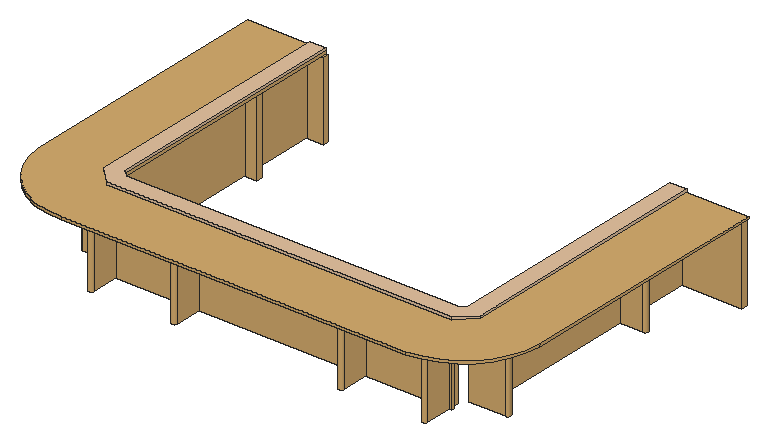
Revit family
Parameters (values of type "4000 x 8050mm")
  Number Of Chairs One Side = (Length - 609.6 mm) / 609.6 mm  # 10
  Number Of Chairs = (Number Of Chairs One Side * 2) + 2  # 22
  Assembly Code = ""
  Description = "Seating 10-12"
  Material = Wood - Cherry
  Height = 760 mm
  Length = 6705.6 mm
  Width = 1200 mm
Reference planes
  plane 1: z = 0
  plane 2: y = 124.813
Forms (mm)
  Extrusion 1, solid, material "table top meteral"
    sketch origin (-1422.372, 1668.504, 0) x (0, 1, 0) y (-1, 0, 0)
      loop
        line (-2156.072, 1772.066) -> (256.928, 1772.066) -> (256.928, 2522.066) -> (-2244.789, 2522.066)
        arc (-2244.789, 2522.066) -> (-2763.072, 2275.312) -> (-2955.072, 1734.349) r 750
        line (-2955.072, 1734.349) -> (-2955.072, -1565.651)
        arc (-2955.072, -1565.651) -> (-2736.402, -2057.264) -> (-2244.789, -2275.934) r 750
        line (-2244.789, -2275.934) -> (256.928, -2275.934) -> (256.928, -1525.934) -> (-2156.072, -1525.934) -> (-2205.072, -1476.934) -> (-2205.072, 1723.066) -> (-2156.072, 1772.066)
    from 750 to 775
  Extrusion 2, solid, material "table top meteral"
    sketch origin (340.438, 315.858, 0) x (0.99863, 0.052336, 0) y (-0.052336, 0.99863, 0)
      loop
        line (-2759.607, -768.159) -> (-2778.022, -1119.534)
        arc (-2778.022, -1119.534) -> (-2749.984, -1147.572) -> (-2721.945, -1119.534) r 28.038
        line (-2721.945, -1119.534) -> (-2703.684, -771.09) -> (-2759.607, -768.159)
    from 0 to 750
  Extrusion 3, solid, material "table top meteral"
    sketch origin (-1758.375, 3263.672, 0) x (0, 1, 0) y (-1, 0, 0)
      loop
        line (-2134.24, 1461.563) -> (-2078.24, 1461.563) -> (-2078.24, 1811.563)
        arc (-2078.24, 1811.563) -> (-2106.24, 1839.563) -> (-2134.24, 1811.563) r 28
        line (-2134.24, 1811.563) -> (-2134.24, 1461.563)
    from 0 to 730
  Extrusion 4, solid, material "table top meteral"
    sketch origin (-1674.638, 1671.143, 0) x (0, 1, 0) y (-1, 0, 0)
      loop
        line (241.289, -1919.2) -> (-2158.711, -1919.2) -> (-2158.711, -1935.2) -> (241.289, -1935.2) -> (241.289, -1919.2)
      loop
        line (-2348.711, 1470.8) -> (-2364.711, 1470.8) -> (-2364.711, -1784.332) -> (-2348.711, -1784.332) -> (-2348.711, 1470.8)
      loop
        line (241.289, 1676.8) -> (-2130.711, 1676.8) -> (-2130.711, 1660.8) -> (241.289, 1660.8) -> (241.289, 1676.8)
    from 0 to 750
  Extrusion 5, solid, material "Wood - Cherry"
    sketch origin (-1422.372, 1668.504, 0) x (0, 1, 0) y (-1, 0, 0)
      loop
        line (256.928, 1772.066) -> (256.928, 1929.066) -> (-2211.204, 1929.066) -> (-2362.072, 1778.198) -> (-2362.072, -1532.066) -> (-2211.204, -1682.934) -> (256.928, -1682.934) -> (256.928, -1525.934) -> (-2156.072, -1525.934) -> (-2205.072, -1476.934) -> (-2205.072, 1723.066) -> (-2156.072, 1772.066) -> (256.928, 1772.066)
    from 800 to 775
  Extrusion 6, solid, material "table top meteral"
    sketch origin (-1758.375, 1618.672, 0) x (0, 1, 0) y (-1, 0, 0)
      loop
        line (-2134.24, 1461.563) -> (-2078.24, 1461.563) -> (-2078.24, 1811.563)
        arc (-2078.24, 1811.563) -> (-2106.24, 1839.563) -> (-2134.24, 1811.563) r 28
        line (-2134.24, 1811.563) -> (-2134.24, 1461.563)
    from 0 to 730
  Extrusion 7, solid, material "table top meteral"
    sketch origin (-1332.501, 3263.672, 0) x (0, 1, 0) y (-1, 0, 0)
      loop
        line (-2134.24, -1461.563) -> (-2134.24, -1811.563)
        arc (-2134.24, -1811.563) -> (-2106.24, -1839.563) -> (-2078.24, -1811.563) r 28
        line (-2078.24, -1811.563) -> (-2078.24, -1461.563) -> (-2134.24, -1461.563)
    from 0 to 750
  Extrusion 8, solid, material "table top meteral"
    sketch origin (-1332.501, 1618.672, 0) x (0, 1, 0) y (-1, 0, 0)
      loop
        line (-2134.24, -1461.563) -> (-2134.24, -1811.563)
        arc (-2134.24, -1811.563) -> (-2106.24, -1839.563) -> (-2078.24, -1811.563) r 28
        line (-2078.24, -1811.563) -> (-2078.24, -1461.563) -> (-2134.24, -1461.563)
    from 0 to 730
  Extrusion 9, solid, material "table top meteral"
    sketch origin (-459.562, 315.858, 0) x (0.99863, 0.052336, 0) y (-0.052336, 0.99863, 0)
      loop
        line (-2759.607, -768.159) -> (-2778.022, -1119.534)
        arc (-2778.022, -1119.534) -> (-2749.984, -1147.572) -> (-2721.945, -1119.534) r 28.038
        line (-2721.945, -1119.534) -> (-2703.684, -771.09) -> (-2759.607, -768.159)
    from 0 to 750
  Extrusion 10, solid, material "table top meteral"
    sketch origin (1940.438, 315.858, 0) x (0.99863, 0.052336, 0) y (-0.052336, 0.99863, 0)
      loop
        line (-2759.607, -768.159) -> (-2778.022, -1119.534)
        arc (-2778.022, -1119.534) -> (-2749.984, -1147.572) -> (-2721.945, -1119.534) r 28.038
        line (-2721.945, -1119.534) -> (-2703.684, -771.09) -> (-2759.607, -768.159)
    from 0 to 750
  Extrusion 11, solid, material "table top meteral"
    sketch origin (2740.438, 315.858, 0) x (0.99863, 0.052336, 0) y (-0.052336, 0.99863, 0)
      loop
        line (-2759.607, -768.159) -> (-2778.022, -1119.534)
        arc (-2778.022, -1119.534) -> (-2749.984, -1147.572) -> (-2721.945, -1119.534) r 28.038
        line (-2721.945, -1119.534) -> (-2703.684, -771.09) -> (-2759.607, -768.159)
    from 0 to 750
  Extrusion 12, solid, material "table top meteral"
    sketch origin (-1758.375, 4003.672, 0) x (0, 1, 0) y (-1, 0, 0)
      loop
        line (-2134.24, 1416.063) -> (-2078.24, 1416.063) -> (-2078.24, 2172.063) -> (-2134.24, 2172.063) -> (-2134.24, 1416.063)
    from 0 to 750
  Extrusion 13, solid, material "table top meteral"
    sketch origin (-1332.501, 4003.672, 0) x (0, 1, 0) y (-1, 0, 0)
      loop
        line (-2134.24, -1416.063) -> (-2134.24, -2172.063) -> (-2078.24, -2172.063) -> (-2078.24, -1416.063) -> (-2134.24, -1416.063)
    from 0 to 750
